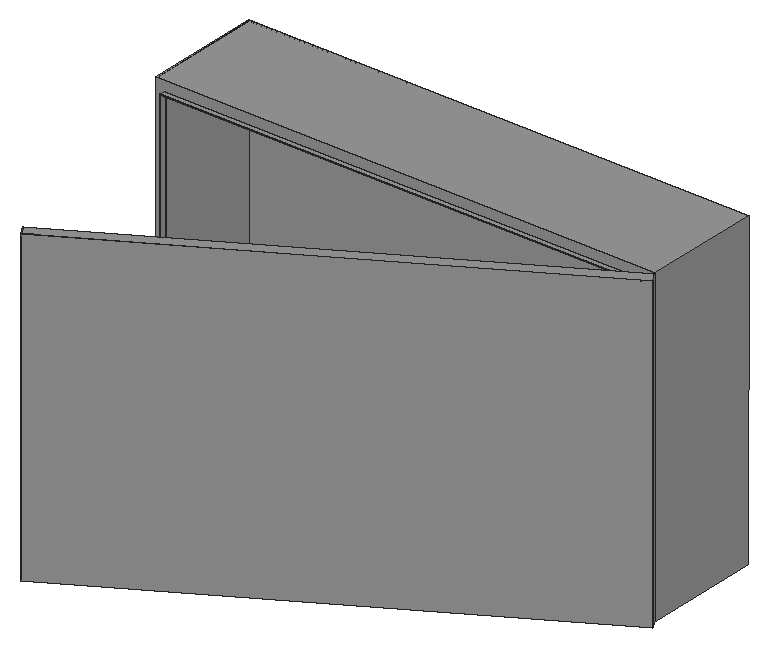
Revit family "Hager-Univers-IP44-D205-H500-Cl.II-Encl-NoHosted-PL-en", category Equipement électrique, Revit 2020
Family settings
  Configuration du panneau = Deux colonnes, circuits au sein
  Cote de connecteur circulaire = Utiliser le diamètre
  Type d'élément = Tableau de raccordement
  Basée sur le plan de construction = Oui
  Toujours verticalement = Oui
  Couper avec des vides une fois chargée = Non
  Partagée = Non
  Point de calcul de pièce = Non
Parameters (values of type "Surface mounted (plaster) IP44 W800 H500 D205  - FP33SN2")
  Width Control [instance] = if([EF000008 - Width] > Min Width, [EF000008 - Width], Min Width)  # 800 mm
  Commentaires du type = [HG000003 - Range]  # "Univers"
  Thickness Door [instance] = if([EF009171 - Material plate thickness door/cover] > 3 mm, 3 mm, [EF009171 - Material plate thickness door/cover])  # 1 mm
  Seal Frame Offset [instance] = 17 mm  # constant formula
  Plinth Visibility [instance] = [HG000027 - Plinth height] > 0 mm  # no
  Min Width [instance] = 100 mm  # constant formula
  Min Depth [instance] = (2 * [EF009170 - Material plate thickness cabinet]) + 1 mm  # 3 mm
  Min Height [instance] = 100 mm  # constant formula
  Internal Frame Depth [instance] = (Door System Depth * 0.5)  # 9 mm
  Panel Name [instance] = ""  # (empty or 0)
  Model = ""
  HG000027 - Plinth height = 0 mm
  HG000026 - Floor standing = no
  HG000024 - Bottom section height = 600 mm
  HG000023 - Double section enclosure = no
  HG000016 - Door 3d visibility [instance] = yes
  HG000015 - Clearance visibility [instance] = no
  HG000014 - Door on the right [instance] = yes
  HG000013 - Door on the left [instance] = not([HG000014 - Door on the right])  # no
  HG000012 - Door swing angle [instance] = 30.00°
  HG000010 - Asymmetric doors = no
  HG000009 - Double swing door = no
  HG000006 - Flush mounted = no
  HG000004 - Manufacturer reference = "FP33SN2"
  HG000003 - Range = "Univers"
  HG000002 - With door or cover = yes
  Frame Offset Bottom [instance] = 10 mm  # constant formula
  Frame Offset [instance] = 15 mm  # constant formula
  EF015940 - Cover with overpressure release = no
  EF011959 - Degree of protection (NEMA) = ""
  EF009554 - Number of openings for flange plates = 6
  EF009212 - Cover model = "EV000116 - Closed"
  EF009171 - Material plate thickness door/cover = 1 mm
  EF009170 - Material plate thickness cabinet = 1 mm
  EF008873 - Nominal current (In) = 250 A
  EF007800 - Suitable for lightning protection = no
  EF006306 - With lock = no
  EF006244 - Transparent cover/door = no
  EF005474 - Degree of protection (IP) = "EV006418 - IP44"
  EF004464 - Type of door = "EV002646 - Single"
  EF004427 - Number of modules = 108
  EF004293 - Impact strength = "EV006815 - IK09"
  EF003532 - Suitable for outdoor use = no
  EF002950 - Width in number of modular spacings = 36
  EF001613 - Circuit integrity = "EV000494 - None"
  EF001596 - Material housing = "EV000179 - Steel"
  EF001131 - Internal depth = 143 mm
  EF001088 - Extension possible = yes
  EF000437 - Number of conduit inlets = 6
  EF000339 - Type of cover = "EV001012 - Cover"
  EF000266 - Number of rows = 3
  EF000218 - Built-in depth = 205 mm
  EF000118 - With mounting plate = no
  EF000116 - RAL-number = "9010"
  EF000049 - Depth = 205 mm
  EF000040 - Height = 500 mm
  EF000008 - Width = 800 mm
  EF000007 - Colour = "EV000202 - White"
  EF000003 - Mounting method = "EV000384 - Surface mounted (plaster)"
  Door System Leaf Tolerance [instance] = 1.5 mm  # constant formula
  Door System Depth [instance] = 18 mm  # constant formula
  Door Height [instance] = Height Control - [HG000027 - Plinth height]  # 500 mm
  Description = ""
  Default Elevation = 1219.2 mm
  Connector Offset [instance] = Height Control / 2  # 250 mm
  Fabricant = "Hager"  # constant formula
  Height Control [instance] = if([EF000040 - Height] > Min Height, [EF000040 - Height], Min Height)  # 500 mm
  Depth Control [instance] = if([EF000049 - Depth] > Min Depth, [EF000049 - Depth], Min Depth)  # 205 mm
  Bottom Top Plate Trim [instance] = 1.5 mm  # constant formula
  Plinth height Ctrl [instance] = if([HG000027 - Plinth height] > 0 mm, [HG000027 - Plinth height], 12 mm)  # 12 mm
Types (5, lengths in mm): name | Width Control | HG000010 - Asymmetric doors | HG000009 - Double swing door | HG000004 - Manufacturer reference | EF009554 - Number of openings for flange plates | EF004464 - Type of door | EF004427 - Number of modules | EF002950 - Width in number of modular spacings | EF000437 - Number of conduit inlets | EF000008 - Width
  Surface mounted (plaster) IP44 W1050 H500 D205  - FP34SN2 | 1050 | no | yes | "FP34SN2" | 8 | "EV003602 - Double" | 144 | 48 | 8 | 1050
  Surface mounted (plaster) IP44 W1300 H500 D205  - FP35SN2 | 1300 | yes | yes | "FP35SN2" | 10 | "EV003602 - Double" | 180 | 60 | 10 | 1300
  Surface mounted (plaster) IP44 W300 H500 D205  - FP31SN2 | 300 | no | no | "FP31SN2" | 2 | "EV002646 - Single" | 36 | 12 | 2 | 300
  Surface mounted (plaster) IP44 W550 H500 D205  - FP32SN2 | 550 | no | no | "FP32SN2" | 4 | "EV002646 - Single" | 72 | 24 | 4 | 550
  Surface mounted (plaster) IP44 W800 H500 D205  - FP33SN2 | 800 | no | no | "FP33SN2" | 6 | "EV002646 - Single" | 108 | 36 | 6 | 800
Reference planes
  plane 1 "Center (Front/Back)": y = 0
  plane 2: z = 0
  plane 3 "Center (Left/Right)": x = 0
  plane 4: y = 0
  plane 5: y = 0
  plane 6: z = 0
  plane 7: x = -400
  plane 8: x = 400
  plane 9: x = 399
  plane 10: x = -399
  plane 11: z = 0
  plane 12: z = 1
  plane 13: y = -205
  plane 14: y = -1
  plane 15: x = 0
  plane 16: y = -187
  plane 17: y = -204
  plane 18: y = -186
  plane 19: x = -384
  plane 20: x = 384
  plane 21: z = 11
  plane 22: x = -383
  plane 23: x = 383
  plane 24: z = 0
  plane 25: z = 500
  plane 26: z = 500
  plane 27: z = 484
  plane 28: z = 499
Forms (mm)
  Extrusion 1, solid, material "Hager_Steel_RAL7035_Light_Grey", detail levels medium+fine
    sketch origin (-208.679, -4572, 0) x (-1, 0, 0) y (0, -1, 0)
      loop
        line (191.321, -4385) -> (-608.679, -4385) -> (-608.679, -4572) -> (191.321, -4572) -> (191.321, -4385)
    from 0 to 500
  Extrusion 2, void
    sketch origin (-350.771, -205, 1219.2) x (1, 0, 0) y (0, 0, 1)
      loop
        line (-48.229, -720.2) -> (-48.229, -1218.2) -> (749.771, -1218.2) -> (749.771, -720.2) -> (-48.229, -720.2)
    from -19 to -204
  Extrusion 3, void
    sketch origin (-290.084, -187, 1219.2) x (1, 0, 0) y (0, 0, 1)
      loop
        line (-93.916, -1208.2) -> (674.084, -1208.2) -> (674.084, -735.2) -> (-93.916, -735.2) -> (-93.916, -1208.2)
    from 0 to -1
  Extrusion 4, solid, material "Hager_Steel_RAL7035_Light_Grey", visible <- "Plinth Visibility", detail levels medium+fine
    sketch origin (0, 0, 0) x (1, 0, 0) y (0, 1, 0)
      loop
        line (-400, 0) -> (-400, -187) -> (400, -187) -> (400, 0) -> (-400, 0)
    from 0 to 12 <- "Plinth height Ctrl"
  Extrusion 5, solid, material "Hager_Steel_RAL7035_Light_Grey", detail levels coarse
    sketch origin (0, 0, 0) x (1, 0, 0) y (0, 1, 0)
      loop
        line (-400, 0) -> (-400, -205) -> (400, -205) -> (400, 0) -> (-400, 0)
    from 0 to 500 <- "Height Control"
  Sweep 6, void
    path in 3D
      loop
        line (-400, -187, 12) -> (400, -187, 12) -> (400, 0, 12) -> (-400, 0, 12) -> (-400, -187, 12)
    profile origin (-400, -93.5, 12) x (1, 0, 0) y (0, 0, 1)
      loop
        line (0, 0) -> (0, -1.5) -> (1.5, -1.5)
        arc (1.5, -1.5) -> (1.061, -0.439) -> (0, 0) r 1.5
  Extrusion 7, solid, material "Hager_Steel_RAL7035_Light_Grey", detail levels fine
    sketch origin (-400, -187, 0) x (1, 0, 0) y (0, 0, 1)
      loop
        line (16, 11) -> (784, 11) -> (784, 484) -> (16, 484) -> (16, 11)
      loop
        line (15, 10) -> (785, 10) -> (785, 485) -> (15, 485) -> (15, 10)
    from 0 to 9 <- "Internal Frame Depth"
Cuts and joins
  Extrusion 2, Extrusion 3 cuts Extrusion 1
  Sweep 6 cuts Extrusion 4
Lines and regions (mm)
  Masking region 1
    outline origin (0, 0, 0) x (1, 0, 0) y (0, 1, 0)
      loop
        line (-400, 0) -> (-400, -205) -> (400, -205) -> (400, 0) -> (-400, 0)
  Masking region 2, detail levels coarse
    outline origin (-290.084, -187, 1219.2) x (-1, 0, 0) y (0, 0, 1)
      loop
        line (-690.084, -1219.2) -> (109.916, -1219.2) -> (109.916, -719.2) -> (-690.084, -719.2) -> (-690.084, -1219.2)
  Masking region 3, detail levels coarse
    outline origin (0, 0, 0) x (0, 1, 0) y (0, 0, 1)
      loop
        line (0, 0) -> (0, 500) -> (-205, 500) -> (-205, 0) -> (0, 0)
  Masking region 4, visible <- "Plinth Visibility", detail levels medium+fine
    outline origin (0, 0, 0) x (0, 1, 0) y (0, 0, 1)
      loop
        line (-1.5, 12) -> (-185.5, 12)
        arc (-185.5, 12) -> (-185.939, 10.939) -> (-187, 10.5) r 1.5
        line (-187, 10.5) -> (-187, 0) -> (0, 0) -> (0, 10.5)
        arc (0, 10.5) -> (-1.061, 10.939) -> (-1.5, 12) r 1.5
  Masking region 5, detail levels medium+fine
    outline origin (0, 0, 594.038) x (0, 1, 0) y (0, 0, 1)
      loop
        line (0, -594.038) -> (0, -94.038) -> (-187, -94.038) -> (-187, -594.038) -> (0, -594.038)
  Masking region 6, detail levels medium+fine
    outline origin (-359.7, -187, 1211.883) x (-1, 0, 0) y (0, 0, 1)
      loop
        line (-759.7, -1211.883) -> (40.3, -1211.883) -> (40.3, -711.883) -> (-759.7, -711.883) -> (-759.7, -1211.883)
  Masking region 7, visible <- "Plinth Visibility", detail levels medium+fine
    outline origin (-320.334, -187, 1041.368) x (-1, 0, 0) y (0, 0, 1)
      loop
        line (-720.334, -1041.368) -> (79.666, -1041.368) -> (79.666, -1030.868)
        arc (79.666, -1030.868) -> (78.606, -1030.429) -> (78.166, -1029.368) r 1.5
        line (78.166, -1029.368) -> (-718.834, -1029.368)
        arc (-718.834, -1029.368) -> (-719.273, -1030.429) -> (-720.334, -1030.868) r 1.5
        line (-720.334, -1030.868) -> (-720.334, -1041.368)
  sketch lines
    curve 1: line (-400, 0, 12) -> (-400, -187, 12)
    curve 2: line (-400, -187, 12) -> (400, -187, 12)
    curve 3: line (400, 0, 12) -> (-400, 0, 12)
    curve 4: line (400, -187, 12) -> (400, 0, 12)
Dimensions and locks
  locked: plane 1 "Center (Front/Back)" to plane 5
  "EF009170 - Material plate thickness cabinet": plane 7 to plane 10
  "EF009170 - Material plate thickness cabinet": plane 8 to plane 9
  equal spacing: plane 7, plane 3 "Center (Left/Right)", plane 8
  "Width Control": plane 7 to plane 8
  "Depth Control": plane 4 to plane 13
  "EF009170 - Material plate thickness cabinet": plane 4 to plane 14
  "Height Control": plane 25 to level
  "HG000027 - Plinth height": plane 11 to level
  "EF009170 - Material plate thickness cabinet": plane 12 to plane 11
  "EF009170 - Material plate thickness cabinet": plane 17 to plane 13
  "EF009170 - Material plate thickness cabinet": plane 18 to plane 16
  "Frame Offset Bottom": plane 21 to plane 12
  "Frame Offset": plane 10 to plane 19
  "Frame Offset": plane 9 to plane 20
  "Door System Depth": plane 16 to plane 13
  "Seal Frame Offset": plane 7 to plane 22
  "Seal Frame Offset": plane 8 to plane 23
  "EF009170 - Material plate thickness cabinet": plane 26 to plane 28
  "Frame Offset": plane 28 to plane 27
  "Connector Offset": plane 2 to connector elem
  "Bottom Top Plate Trim": profile plane to Sweep 6 sketch curve
  "Bottom Top Plate Trim": Sweep 6 sketch curve to Sweep 6 sketch curve
  "Plinth height Ctrl": Masking region 4 sketch curve to level
  "Plinth height Ctrl": Masking region 7 sketch curve to level
  "Thickness Door": Extrusion 7 sketch curve to Extrusion 7 sketch curve  (x4)
  "Bottom Top Plate Trim": radius of Sweep 6 sketch curve
  "Bottom Top Plate Trim": radius of Masking region 4 sketch curve  (x2)
  "Bottom Top Plate Trim": radius of Masking region 7 sketch curve  (x2)
  aligned and locked: Extrusion 2 sketch curve to plane 12
  aligned and locked: Extrusion 2 sketch curve to plane 9
  aligned and locked: Extrusion 2 sketch curve to plane 10
  aligned and locked: Extrusion 2 to plane 14
  aligned and locked: Extrusion 1 sketch curve to plane 4
  aligned and locked: plane 8 to Extrusion 1 sketch curve
  aligned and locked: plane 7 to Extrusion 1 sketch curve
  aligned and locked: Extrusion 2 to plane 18
  aligned and locked: plane 19 to Extrusion 3 sketch curve
  aligned and locked: plane 20 to Extrusion 3 sketch curve
  aligned and locked: Extrusion 3 to Extrusion 2
  aligned and locked: Extrusion 3 sketch curve to plane 21
  aligned and locked: plane 3 "Center (Left/Right)" to nested 1
  aligned and locked: Extrusion 1 sketch curve to plane 16
  aligned and locked: Extrusion 4 sketch curve to cut or joined group of Extrusion 1, Extrusion 2, Extrusion 3
  aligned and locked: Masking region 1 sketch curve to plane 7
  aligned and locked: Masking region 1 sketch curve to plane 5
  aligned and locked: Masking region 1 sketch curve to plane 8
  aligned and locked: Masking region 2 sketch curve to level
  aligned and locked: level to Masking region 3 sketch curve
  aligned and locked: plane 1 "Center (Front/Back)" to Masking region 3 sketch curve
  aligned and locked: plane 13 to Masking region 3 sketch curve
  aligned and locked: plane 5 to Masking region 4 sketch curve
  aligned and locked: Masking region 2 sketch curve to plane 8
  aligned and locked: Masking region 2 sketch curve to plane 7
  aligned and locked: plane 7 to nested 2
  aligned and locked: nested 2 to plane 5
  aligned and locked: plane 5 to Masking region 5 sketch curve
  aligned and locked: plane 26 to Masking region 5 sketch curve
  aligned and locked: Extrusion 5 sketch curve to plane 8
  aligned and locked: Extrusion 5 sketch curve to plane 7
  aligned and locked: Extrusion 5 sketch curve to plane 5
  aligned and locked: Extrusion 3 sketch curve to plane 27
  aligned and locked: Extrusion 2 sketch curve to plane 28
  aligned and locked: Masking region 2 to plane 25
  aligned and locked: Extrusion 4 to plane 16
  aligned and locked: profile plane to Sweep 6 sketch curve
  aligned and locked: Masking region 5 sketch curve to plane 24
  aligned and locked: level to Masking region 4 sketch curve
  aligned and locked: Masking region 1 to plane 13
  aligned and locked: nested 1 to plane 16
  aligned and locked: Masking region 3 to plane 25
  aligned and locked: plane 16 to Masking region 4 sketch curve
  aligned and locked: Masking region 5 sketch curve to plane 16
  aligned and locked: plane 24 to plane 11
  aligned and locked: plane 26 to plane 25
  aligned and locked: plane 26 to cut or joined group of Extrusion 1, Extrusion 2, Extrusion 3
  aligned and locked: nested 1 to plane 24
  aligned and locked: Extrusion 1 to Extrusion 3
  aligned and locked: Masking region 6 sketch curve to plane 8
  aligned and locked: Masking region 6 sketch curve to plane 24
  aligned and locked: Masking region 6 sketch curve to plane 7
  aligned and locked: Masking region 6 sketch curve to plane 26
  aligned and locked: Masking region 7 sketch curve to plane 7
  aligned and locked: level to Masking region 7 sketch curve
  aligned and locked: Masking region 7 sketch curve to plane 8
  aligned and locked: Extrusion 7 sketch curve to cut or joined group of Extrusion 1, Extrusion 2, Extrusion 3  (x4)
Automatic sketch dimensions
  plane 19 to Extrusion 3 sketch curve = 0 mm
  Extrusion 3 sketch curve to plane 20 = 0 mm
  Extrusion 3 sketch curve to plane 21 = 0 mm
  Extrusion 4 sketch curve to plane 7 = 0 mm
  Extrusion 4 sketch curve to plane 8 = 0 mm
  Extrusion 4 sketch curve to plane 16 = 0 mm
  Masking region 1 sketch curve to plane 13 = 0 mm
  Masking region 2 sketch curve to plane 25 = 0 mm
  Masking region 3 sketch curve to plane 25 = 0 mm
  Extrusion 5 sketch curve to plane 13 = 0 mm
  profile plane to Sweep 6 sketch curve = 0 mm
Nested families
  nested 1: "EC000058_Univers_Door" at (0, -187, 0), Double <- "HG000009 - Double swing door", Transparent <- "EF006244 - Transparent cover/door", Angle <- "HG000012 - Door swing angle", Door_Right <- "HG000014 - Door on the right", Assymetrical <- "HG000010 - Asymmetric doors", Door <- "HG000002 - With door or cover", Width_Ctrl <- "Width Control", 3d_Door <- "HG000016 - Door 3d visibility", Clearance <- "HG000015 - Clearance visibility", Door_Left <- "HG000013 - Door on the left", Width <- "Width Control", Door_Depth <- "Door System Depth", Leaf_Tolerance <- "Door System Leaf Tolerance", Height <- "Door Height", Lock_Visibility <- "EF006306 - With lock", Thickness <- "Thickness Door", type "EC000058_Univers_Door", detail levels medium+fine
    with min_wh 3 mm, Width_Ctrl 800 mm, Width 800 mm, Transparent no, Thickness 1 mm, Seal_Material Hager_Rubber, Lock_Visibility no, Lock_Material Hager_Plastic_RAL9005_Jet_Black, Leaf_Width 800 mm, Leaf_Tolerance_External_Sides 0 mm, Leaf_Tolerance 1.5 mm, Leaf_Offset 0 mm, Leaf_Height 497 mm, Leaf_2_Width 800 mm, Leaf_2_Offset 400 mm, Leaf_1_Width 800 mm, Leaf_1_Offset 400 mm, Height_Ctrl 500 mm, Height 500 mm, Glass_Material Hager_Glass, Double_Clearance_Ctrl no, Double no, Door_Right_Ctrl yes, Door_Right yes, Door_Material Hager_Steel_RAL7035_Light_Grey, Door_Left_Ctrl no, Door_Left no, Door_Depth 18 mm, Door yes, Clearance_Material Hager_Clearance, Clearance_Depth 800 mm, Clearance_Ctrl no, Clearance no, Assymetrical no, Angle 30.00°, 3d_Door yes
  nested 2: "Hager_Enclosure_Symbol" at (-400, 0, 0), Height <- "Depth Control", Width <- "Width Control", type "Hager_Enclosure_Symbol"
    with Width_Ctrl 800 mm, Width 800 mm, Height_Ctrl 205 mm, Height 205 mm, A_Width_Int 13.453 mm, A_Width 161.438 mm, A_Height_Ctrl 179.375 mm, A_Height 179.375 mm
Connectors
  electrical at (0, 0, 250)
    settings: on plane 1 "Center (Front/Back)", index 1, voltage 0 V, apparent load 0 VA, apparent load phase1 0 VA, apparent load phase2 0 VA, apparent load phase3 0 VA, power factor 1, load classification "Other", number of poles 1, system type 30, power factor state 1, is connector primary yes, connector utility no, sub classification motor no, connector description ""
Definition of nested family "EC000058_Univers_Door"
  Parameters (values of type "EC000058_Univers_Door")
    min_wh [instance] = (2 * Thickness) + 1 mm  # 11 mm
    Width_Ctrl [instance] = 400 mm
    Width [instance] = 500 mm
    Transparent [instance] = yes
    Thickness [instance] = 5 mm
    Seal_Material [instance] = none
    Lock_Visibility [instance] = yes
    Lock_Material [instance] = none
    Leaf_Width [instance] = if((Width_Ctrl - 2 * Leaf_Tolerance_External_Sides) > 0 mm, (Width_Ctrl - 2 * Leaf_Tolerance_External_Sides), min_wh)  # 400 mm
    Leaf_Tolerance_External_Sides [instance] = 0 mm  # constant formula
    Leaf_Tolerance [instance] = 1.5 mm
    Leaf_Offset [instance] = 0 mm  # constant formula
    Leaf_Height [instance] = if((Height_Ctrl - 2 * Leaf_Tolerance) > 0 mm, (Height_Ctrl - 2 * Leaf_Tolerance), min_wh)  # 497 mm
    Leaf_2_Width [instance] = if(and(and(Double, Assymetrical), Door_Left), (Leaf_Width / 3) - (Leaf_Tolerance / 2), if(and(and(Double, Assymetrical), Door_Right), (Leaf_Width / 3) * 2 - (Leaf_Tolerance / 2), if(and(Double, not(Assymetrical)), (Leaf_Width / 2) - Leaf_Tolerance, Leaf_Width)))  # 400 mm
    Leaf_2_Offset [instance] = if(and(Double, Assymetrical), Leaf_2_Width / 2, if(and(Double, not(Assymetrical)), Leaf_Width / 4, Leaf_Width / 2))  # 200 mm
    Leaf_1_Width [instance] = if(and(and(Double, Assymetrical), Door_Right), (Leaf_Width / 3) - (Leaf_Tolerance / 2), if(and(and(Double, Assymetrical), Door_Left), (Width / 3) * 2 - (Leaf_Tolerance / 2), if(and(Double, not(Assymetrical)), (Leaf_Width / 2) - Leaf_Tolerance, Leaf_Width)))  # 400 mm
    Leaf_1_Offset [instance] = if(and(Double, Assymetrical), Leaf_1_Width / 2, if(and(Double, not(Assymetrical)), Leaf_Width / 4, Leaf_Width / 2))  # 200 mm
    Height_Ctrl [instance] = if(Height > min_wh, Height, min_wh)  # 500 mm
    Height [instance] = 500 mm
    Glass_Material [instance] = none
    Double_Clearance_Ctrl [instance] = and(Double, Clearance)  # no
    Double [instance] = no
    Door_Right_Ctrl [instance] = and(or(Door_Right, Double), Door)  # yes
    Door_Right [instance] = yes
    Door_Material [instance] = none
    Door_Left_Ctrl [instance] = and(or(Door_Left, Double), Door)  # no
    Door_Left [instance] = no
    Door_Depth [instance] = 30 mm
    Door [instance] = yes
    Default Elevation = 1219.2 mm
    Clearance_Material [instance] = none
    Clearance_Depth [instance] = if(Leaf_1_Width > Leaf_2_Width, Leaf_1_Width, Leaf_2_Width)  # 400 mm
    Clearance_Ctrl [instance] = and(not(Double), Clearance)  # yes
    Clearance [instance] = yes
    Assymetrical [instance] = yes
    Angle [instance] = 30.00°
    3d_Door [instance] = yes
  Reference planes
    plane 1 "Center (Front/Back)": y = 0
    plane 2 "Bottom": z = 0
    plane 3 "Center (Left/Right)": x = 0
    plane 4: z = 500
    plane 5: x = -200
    plane 6: x = 200
    plane 7: z = 500
    plane 8: x = -200
    plane 9: z = 0
    plane 10: x = 200
    plane 11: y = 0
    plane 12: z = 1.5
    plane 13: x = -600
    plane 14: y = -400
    plane 15: x = 600
    plane 16: x = 0
    plane 17: x = 0
    plane 18: x = -200
    plane 19: x = 200
    plane 20: z = 498.5
  Forms (mm)
    Extrusion 1, solid, material <- "Clearance_Material", visible <- "Double_Clearance_Ctrl"
      sketch origin (1200, 0, 0) x (1, 0, 0) y (0, 0, -1)
        loop
          line (-1800, -498.5) -> (-600, -498.5) -> (-600, 0) -> (-1800, 0) -> (-1800, -498.5)
      from 0 to -400
  Dimensions and locks
    equal spacing: plane 5, plane 3 "Center (Left/Right)", plane 6
    "Width_Ctrl": plane 5 to plane 6
    "Leaf_Offset": plane 5 to plane 8
    "Leaf_Offset": plane 6 to plane 10
    "Leaf_Offset": plane 9 to level
    "Leaf_Offset": plane 4 to plane 7
    "Height_Ctrl": plane 4 to level
    "Leaf_Tolerance": plane 12 to plane 9
    locked: plane 11 to plane 1 "Center (Front/Back)"
    "Leaf_1_Offset": plane 18 to plane 16
    "Leaf_2_Offset": plane 17 to plane 19
    "Leaf_1_Width": plane 13 to plane 8
    "Leaf_2_Width": plane 10 to plane 15
    "Clearance_Depth": plane 14 to plane 1 "Center (Front/Back)"
    "Leaf_Tolerance_External_Sides": plane 8 to plane 18
    "Leaf_Tolerance_External_Sides": plane 19 to plane 10
    "Leaf_Tolerance": plane 7 to plane 20
    aligned and locked: level to plane 2 "Bottom"
    aligned and locked: nested 1 to plane 16
    aligned and locked: nested 2 to plane 17
    aligned and locked: Extrusion 1 to plane 13
    aligned and locked: plane 15 to Extrusion 1
    aligned and locked: Extrusion 1 to plane 14
    aligned and locked: plane 12 to nested 1
    aligned and locked: nested 2 to plane 12
    aligned and locked: Extrusion 1 to plane 11
    aligned and locked: plane 20 to Extrusion 1
    aligned and locked: nested 2 to plane 11
    aligned and locked: nested 1 to plane 11
  Automatic sketch dimensions
    Extrusion 1 sketch curve to level = 0 mm
    plane 5 to Extrusion 1 sketch curve = 400 mm
    plane 6 to Extrusion 1 sketch curve = 400 mm
    Extrusion 1 sketch curve to plane 4 = 1.5 mm
  Nested families
    nested 1: "EC000058_Univers_Door_Leaf" at (0, 0, 1.5), Width <- "Leaf_1_Width", visible <- "Door_Left_Ctrl", Leaf_Height <- "Leaf_Height", Angle <- "Angle", 3d_Door <- "3d_Door", Transparent <- "Transparent", Clearance Material <- "Clearance_Material", Clearance <- "Clearance_Ctrl", Door_Material <- "Door_Material", Glass_Material <- "Glass_Material", Door_Depth <- "Door_Depth", Lock_Material <- "Lock_Material", Seal_Material <- "Seal_Material", Lock_Visibility <- "Lock_Visibility", Thickness <- "Thickness", type "EC000058_Univers_Door_Leaf"
      with Width 400 mm, Transparent_Glass_Offset 30 mm, Transparent_Ctrl yes, Transparent yes, Thickness 5 mm, Standard no, Seal_Material none, Seal_D2 8 mm, Seal_D1 1 mm, Offset_Internal_Frame 10 mm, Lock_Width 20 mm, Lock_Visibility_3d yes, Lock_Visibility yes, Lock_Thickness_3 3 mm, Lock_Thickness_2 1 mm, Lock_Thickness_1 3 mm, Lock_Radius_Offset_2 16 mm, Lock_Radius_Offset_1 15 mm, Lock_Radius_2 5 mm, Lock_Radius 6 mm, Lock_Offset 5 mm, Lock_Material none, Lock_Height 80 mm, Lock_Cover_Top_Offset_2d 17 mm, Lock_Cover_Height -65 mm, Leaf_Height 497 mm, Internal_Seal_Thickness 8 mm, Internal_Seal_Depth_2 4.5 mm, Internal_Frame_Depth 25 mm, Glass_Thickness -1 mm, Glass_Offset -2 mm, Glass_Material none, Door_Material none, Door_Depth 30 mm, Clearance Material none, Clearance yes, Angle_Ctrl 30.00°, Angle 30.00°, 3d_Door yes
    nested 2: "EC000058_Univers_Door_Leaf" at (0, 0, 1.5) x (-1, 0, 0) z (0, 0, 1), Width <- "Leaf_2_Width", visible <- "Door_Right_Ctrl", Leaf_Height <- "Leaf_Height", Angle <- "Angle", 3d_Door <- "3d_Door", Transparent <- "Transparent", Clearance Material <- "Clearance_Material", Clearance <- "Clearance_Ctrl", Door_Material <- "Door_Material", Glass_Material <- "Glass_Material", Door_Depth <- "Door_Depth", Lock_Material <- "Lock_Material", Seal_Material <- "Seal_Material", Lock_Visibility <- "Lock_Visibility", Thickness <- "Thickness", type "EC000058_Univers_Door_Leaf"
      with Width 400 mm, Transparent_Glass_Offset 30 mm, Transparent_Ctrl yes, Transparent yes, Thickness 5 mm, Standard no, Seal_Material none, Seal_D2 8 mm, Seal_D1 1 mm, Offset_Internal_Frame 10 mm, Lock_Width 20 mm, Lock_Visibility_3d yes, Lock_Visibility yes, Lock_Thickness_3 3 mm, Lock_Thickness_2 1 mm, Lock_Thickness_1 3 mm, Lock_Radius_Offset_2 16 mm, Lock_Radius_Offset_1 15 mm, Lock_Radius_2 5 mm, Lock_Radius 6 mm, Lock_Offset 5 mm, Lock_Material none, Lock_Height 80 mm, Lock_Cover_Top_Offset_2d 17 mm, Lock_Cover_Height -65 mm, Leaf_Height 497 mm, Internal_Seal_Thickness 8 mm, Internal_Seal_Depth_2 4.5 mm, Internal_Frame_Depth 25 mm, Glass_Thickness -1 mm, Glass_Offset -2 mm, Glass_Material none, Door_Material none, Door_Depth 30 mm, Clearance Material none, Clearance yes, Angle_Ctrl 30.00°, Angle 30.00°, 3d_Door yes
  Definition of nested family "EC000058_Univers_Door_Leaf"
    Parameters (values of type "EC000058_Univers_Door_Leaf")
      Width [instance] = 2000 mm
      Transparent_Glass_Offset [instance] = 30 mm
      Transparent_Ctrl [instance] = and(Transparent, [3d_Door])  # yes
      Transparent [instance] = yes
      Thickness [instance] = 5 mm
      Standard [instance] = and(not(Transparent), [3d_Door])  # no
      Seal_Material [instance] = none
      Seal_D2 [instance] = 8 mm  # constant formula
      Seal_D1 [instance] = 1 mm  # constant formula
      Offset_Internal_Frame [instance] = 10 mm  # constant formula
      Lock_Width [instance] = 20 mm  # constant formula
      Lock_Visibility_3d [instance] = and(Lock_Visibility, [3d_Door])  # yes
      Lock_Visibility [instance] = yes
      Lock_Thickness_3 [instance] = 3 mm  # constant formula
      Lock_Thickness_2 [instance] = 1 mm  # constant formula
      Lock_Thickness_1 [instance] = 3 mm  # constant formula
      Lock_Radius_Offset_2 [instance] = Lock_Radius_Offset_1 + 1 mm  # 16 mm
      Lock_Radius_Offset_1 [instance] = 15 mm  # constant formula
      Lock_Radius_2 [instance] = Lock_Radius - 1 mm  # 5 mm
      Lock_Radius [instance] = 6 mm  # constant formula
      Lock_Offset [instance] = 5 mm  # constant formula
      Lock_Material [instance] = none
      Lock_Height [instance] = 80 mm  # constant formula
      Lock_Cover_Top_Offset_2d [instance] = Lock_Radius_Offset_2 + 1 mm  # 17 mm
      Lock_Cover_Height [instance] = -(Lock_Height - Lock_Radius_Offset_1)  # -65 mm
      Leaf_Height [instance] = 2720.336 mm
      Internal_Seal_Thickness [instance] = 8 mm  # constant formula
      Internal_Seal_Depth_2 [instance] = 4.5 mm  # constant formula
      Internal_Frame_Depth [instance] = if(Door_Depth - Thickness > 5 mm, Door_Depth - Thickness, 5 mm)  # 25 mm
      Glass_Thickness [instance] = if(Thickness > 15 mm, Glass_Offset + 10 mm, -1 mm)  # -1 mm
      Glass_Offset [instance] = if(Thickness > 15 mm, -(Thickness + 10 mm) / 2, -2 mm)  # -2 mm
      Glass_Material [instance] = none
      Door_Material [instance] = none
      Door_Depth [instance] = 30 mm
      Default Elevation = 0 mm
      Clearance Material [instance] = none
      Clearance [instance] = yes
      Angle_Ctrl [instance] = if(Angle > 180.00°, 180.00°, Angle)  # 90.00°
      Angle [instance] = 90.00°
      3d_Door [instance] = yes
    Reference planes
      plane 1 "Center (Front/Back)": y = 0
      plane 2: z = 0
      plane 3 "Center (Left/Right)": x = 0
      plane 4: y = 2000
      plane 5: x = -1000
      plane 6: x = 1000
      plane 7: x = -3000
      plane 8: z = 2720.336
      plane 9: z = 30
      plane 10: z = 2690.336
      plane 11: x = 970
      plane 12: x = -970
      plane 13: y = -3
      plane 14: z = 107.833
      plane 15: y = -5
      plane 16: y = -223.314
      plane 17: x = -1000
      plane 18: z = 1360.168
      plane 19: y = 30
    Forms (mm)
      Extrusion 1, solid, material <- "Clearance Material", visible <- "Clearance"
        sketch origin (0, 0, 0) x (1, 0, 0) y (0, 0, 1)
          loop
            line (-3000, 2720.336) -> (-3000, 0) -> (1000, 0) -> (1000, 2720.336) -> (-3000, 2720.336)
        from 0 to -2000
      Extrusion 2, solid, material <- "Door_Material", visible <- "Standard", detail levels medium+fine
        sketch origin (-1000, 0, 0) x (0, 1, 0) y (-1, 0, 0)
          loop
            line (0, 30) -> (0, 25) -> (2000, 25) -> (2000, 30) -> (0, 30)
        from 0 to 2720.336 <- "Leaf_Height"
      Extrusion 3, solid, material <- "Door_Material", visible <- "Transparent_Ctrl", detail levels medium+fine
        sketch origin (-1000, 0, 0) x (0, 1, 0) y (-1, 0, 0)
          loop
            line (0, 25) -> (2000, 25) -> (2000, 30) -> (0, 30) -> (0, 25)
        from 0 to 2720.336 <- "Leaf_Height"
      Extrusion 4, void
        sketch origin (-1025, 2000, 0) x (0, 1, 0) y (0, 0, -1)
          loop
            line (-30, -2690.336) -> (-30, -30) -> (-1970, -30) -> (-1970, -2690.336) -> (-30, -2690.336)
        from 0 to 5 <- "Thickness"
      Sweep 5, solid, material <- "Seal_Material", visible <- "Transparent_Ctrl", detail levels fine
        path in 3D
          loop
            line (-1025, 30, 30) -> (-1025, 30, 2690.336) -> (-1025, 1970, 2690.336) -> (-1025, 1970, 30) -> (-1025, 30, 30)
        profile origin (-1025, 1000, 30) x (1, 0, 0) y (0, 0, 1)
          loop
            line (0, 0) -> (0, -8) -> (1, -8) -> (1, 0) -> (0, 0)
      Extrusion 6, solid, material <- "Glass_Material", visible <- "Transparent_Ctrl", detail levels medium+fine
        sketch origin (-1030, 0, 0) x (0, 1, 0) y (0, 0, -1)
          loop
            line (1970, -2690.336) -> (1970, -30) -> (30, -30) -> (30, -2690.336) -> (1970, -2690.336)
        from -2 <- "Glass_Offset" to -1 <- "Glass_Thickness"
      Extrusion 7, solid, material <- "Door_Material", visible <- "3d_Door", detail levels medium+fine
        sketch origin (-1025, 2000, 0) x (0, -1, 0) y (0, 0, -1)
          loop
            line (0, -2720.336) -> (2000, -2720.336) -> (2000, 0) -> (0, 0) -> (0, -2720.336)
          loop
            line (1995, -5) -> (5, -5) -> (5, -2715.336) -> (1995, -2715.336) -> (1995, -5)
        from 0 to 25 <- "Internal_Frame_Depth"
      Sweep 8, solid, material <- "Seal_Material", visible <- "Transparent_Ctrl", detail levels fine
        path in 3D
          loop
            line (-1025, 0, 0) -> (-1025, 2000, 0) -> (-1025, 2000, 2720.336) -> (-1025, 0, 2720.336) -> (-1025, 0, 0)
        profile origin (-1025, 0, 1360.168) x (1, 0, 0) y (0, 1, 0)
          loop
            line (0, 10) -> (2.975, 10)
            arc (2.975, 10) -> (4.053, 10.447) -> (4.5, 11.525) r 1.525
            line (4.5, 11.525) -> (4.5, 16.527)
            arc (4.5, 16.527) -> (4.069, 17.569) -> (3.027, 18) r 1.473
            line (3.027, 18) -> (0, 18) -> (0, 10)
      Extrusion 9, solid, material <- "Lock_Material", visible <- "Lock_Visibility_3d", detail levels fine
        sketch origin (-1030, 0, 0) x (0, 1, 0) y (0, 0, -1)
          loop
            arc (1993.5, -1400.168) -> (1994.561, -1399.729) -> (1995, -1398.668) r 1.5
            line (1995, -1398.668) -> (1995, -1320.168) -> (1975, -1320.168) -> (1975, -1398.668)
            arc (1975, -1398.668) -> (1975.439, -1399.729) -> (1976.5, -1400.168) r 1.5
            line (1976.5, -1400.168) -> (1993.5, -1400.168)
        from 3 <- "Lock_Thickness_1" to 0
      Blend 10, solid, material <- "Lock_Material", visible <- "Lock_Visibility_3d", detail levels fine
        base sketch origin (-1033, 0, 0) x (0, 1, 0) y (0, 0, -1)
          loop
            line (1975, -1320.168) -> (1975, -1398.668)
            arc (1975, -1398.668) -> (1975.439, -1399.729) -> (1976.5, -1400.168) r 1.5
            line (1976.5, -1400.168) -> (1993.5, -1400.168)
            arc (1993.5, -1400.168) -> (1994.561, -1399.729) -> (1995, -1398.668) r 1.5
            line (1995, -1398.668) -> (1995, -1320.168) -> (1975, -1320.168)
        top sketch origin (-1033, 0, 0) x (0, 1, 0) y (0, 0, -1)
          loop
            line (1976, -1320.168) -> (1976, -1398.668)
            arc (1976, -1398.668) -> (1976.146, -1399.022) -> (1976.5, -1399.168) r 0.5
            line (1976.5, -1399.168) -> (1993.5, -1399.168)
            arc (1993.5, -1399.168) -> (1993.854, -1399.022) -> (1994, -1398.668) r 0.5
            line (1994, -1398.668) -> (1994, -1320.168) -> (1976, -1320.168)
        from 0 to 1 <- "Lock_Thickness_2"
      Blend 11, solid, material <- "Lock_Material", visible <- "Lock_Visibility_3d", detail levels fine
        base sketch origin (-1034, 0, 0) x (0, 1, 0) y (0, 0, -1)
          loop
            line (1978, -1320.168) -> (1978, -1384.168)
            arc (1978, -1384.168) -> (1985, -1391.168) -> (1992, -1384.168) r 7
            line (1992, -1384.168) -> (1992, -1320.168) -> (1978, -1320.168)
        top sketch origin (-1034, 0, 0) x (0, 1, 0) y (0, 0, -1)
          loop
            line (1991, -1320.168) -> (1979, -1320.168) -> (1979, -1383.168)
            arc (1979, -1383.168) -> (1985, -1389.168) -> (1991, -1383.168) r 6
            line (1991, -1383.168) -> (1991, -1320.168)
        from 0 to 3 <- "Lock_Thickness_3"
      Extrusion 12, solid, material <- "Lock_Material", visible <- "Lock_Visibility_3d", detail levels fine
        sketch origin (-1030, 1975, 1320.168) x (1, 0, 0) y (0, -1, 0)
          loop
            line (-7, -19) -> (-7, -1) -> (0, -1) -> (0, 0) -> (-8, 0) -> (-8, -20) -> (0, -20) -> (0, -19) -> (-7, -19)
        from 0 to -65 <- "Lock_Cover_Height"
      Extrusion 13, void
        sketch origin (-1038, 1995, 1320.168) x (-1, 0, 0) y (0, 0, -1)
          loop
            line (-5, -65) -> (0, -65) -> (-5, -60) -> (-5, -65)
        from 0 to 20 <- "Lock_Width"
      Extrusion 14, void
        sketch origin (-1038, 1975, 1320.168) x (0, -1, 0) y (0, 0, -1)
          loop
            circle (-10, -15.995) r 6
          loop
            circle (-10, -15.995) r 5
        from 0 to 2
      Extrusion 15, solid, material <- "Lock_Material", visible <- "Lock_Visibility_3d", detail levels medium
        sketch origin (-1030, 0, 0) x (0, 1, 0) y (0, 0, -1)
          loop
            arc (1993.5, -1400.168) -> (1994.561, -1399.729) -> (1995, -1398.668) r 1.5
            line (1995, -1398.668) -> (1995, -1320.168) -> (1975, -1320.168) -> (1975, -1398.668)
            arc (1975, -1398.668) -> (1975.439, -1399.729) -> (1976.5, -1400.168) r 1.5
            line (1976.5, -1400.168) -> (1993.5, -1400.168)
        from 8 to 0
    Cuts and joins
      Extrusion 4 cuts Extrusion 3
      Extrusion 13, Extrusion 14 cuts Extrusion 9
      Extrusion 14 cuts Blend 11
      Extrusion 13, Extrusion 14 cuts Extrusion 12
      joined: Extrusion 9, Blend 10, Blend 11, Extrusion 12
      Extrusion 14 cuts Extrusion 15
    Lines and regions (mm)
      Masking region 1, visible <- "Lock_Visibility", detail levels fine
        outline origin (0, 0, 0) x (0, 1, 0) y (0, 0, 1)
          loop
            line (30, 1320.168) -> (33, 1320.168) -> (33, 1400.168) -> (30, 1400.168) -> (30, 1320.168)
      Masking region 2, visible <- "Lock_Visibility", detail levels fine
        outline origin (0, 3.143, 0) x (0, 1, 0) y (0, 0, 1)
          loop
            line (29.857, 1354.168) -> (30.857, 1354.168) -> (30.857, 1366.168) -> (29.857, 1366.168) -> (29.857, 1354.168)
      Masking region 3, detail levels medium+fine
        outline origin (0, 0, 0) x (0, 1, 0) y (0, 0, 1)
          loop
            line (0, 0) -> (30, 0) -> (30, 2720.336) -> (0, 2720.336) -> (0, 0)
      Masking region 4, detail levels medium+fine
        outline origin (0, 0, 0) x (1, 0, 0) y (0, 0, 1)
          loop
            line (-1000, 2720.336) -> (-1000, 0) -> (1000, 0) -> (1000, 2720.336) -> (-1000, 2720.336)
      Masking region 5, visible <- "Lock_Visibility", detail levels fine
        outline origin (-47.116, 0, 0) x (1, 0, 0) y (0, 0, 1)
          loop
            arc (1024.616, 1399.168) -> (1023.556, 1398.729) -> (1023.116, 1397.668) r 1.5
            line (1023.116, 1397.668) -> (1023.116, 1320.168) -> (1041.116, 1320.168) -> (1041.116, 1397.668)
            arc (1041.116, 1397.668) -> (1040.677, 1398.729) -> (1039.616, 1399.168) r 1.5
            line (1039.616, 1399.168) -> (1024.616, 1399.168)
      Masking region 6, visible <- "Lock_Visibility", detail levels medium+fine
        outline origin (-25, 0, 0) x (1, 0, 0) y (0, 0, 1)
          loop
            arc (1001.5, 1400.168) -> (1000.439, 1399.729) -> (1000, 1398.668) r 1.5
            line (1000, 1398.668) -> (1000, 1320.168) -> (1020, 1320.168) -> (1020, 1398.668)
            arc (1020, 1398.668) -> (1019.561, 1399.729) -> (1018.5, 1400.168) r 1.5
            line (1018.5, 1400.168) -> (1001.5, 1400.168)
      Masking region 7, visible <- "Lock_Visibility", detail levels fine
        outline origin (-73.735, 0, 0) x (1, 0, 0) y (0, 0, 1)
          loop
            line (1051.735, 1382.168) -> (1065.735, 1382.168) -> (1065.735, 1384.168)
            arc (1065.735, 1384.168) -> (1058.735, 1391.168) -> (1051.735, 1384.168) r 7
            line (1051.735, 1384.168) -> (1051.735, 1382.168)
      Masking region 8, visible <- "Lock_Visibility", detail levels fine
        outline origin (-73.735, 0, 0) x (1, 0, 0) y (0, 0, 1)
          loop
            line (1052.735, 1382.168) -> (1064.735, 1382.168) -> (1064.735, 1383.168)
            arc (1064.735, 1383.168) -> (1058.735, 1389.168) -> (1052.735, 1383.168) r 6
            line (1052.735, 1383.168) -> (1052.735, 1382.168)
      Masking region 9, visible <- "Lock_Visibility", detail levels fine
        outline origin (-25, 0, 0) x (1, 0, 0) y (0, 0, 1)
          loop
            line (1020, 1320.168) -> (1020, 1382.168) -> (1000, 1382.168) -> (1000, 1320.168) -> (1020, 1320.168)
      Masking region 10, detail levels medium+fine
        outline origin (0, 0, 0) x (1, 0, 0) y (0, 0, 1)
          loop
            circle (985, 1335.144) r 6
      Masking region 11, detail levels fine
        outline origin (0, 0, 0) x (1, 0, 0) y (0, 0, 1)
          loop
            circle (985, 1335.144) r 5
      Masking region 12, visible <- "Lock_Visibility", detail levels fine
        outline origin (0, 12.767, 0) x (0, 1, 0) y (0, 0, 1)
          loop
            line (20.233, 1320.168) -> (21.233, 1320.168) -> (21.233, 1399.168) -> (20.233, 1400.168) -> (20.233, 1320.168)
      Masking region 13, visible <- "Lock_Visibility", detail levels fine
        outline origin (0, 13.767, -10) x (0, 1, 0) y (0, 0, 1)
          loop
            line (20.233, 1330.168) -> (23.233, 1330.168) -> (23.233, 1399.168) -> (20.233, 1402.168) -> (20.233, 1330.168)
      Masking region 14, visible <- "Lock_Visibility", detail levels fine
        outline origin (0, 12.767, -10) x (0, 1, 0) y (0, 0, 1)
          loop
            line (20.233, 1330.168) -> (25.233, 1330.168) -> (25.233, 1399.305) -> (20.233, 1394.305) -> (20.233, 1330.168)
      Masking region 15, visible <- "Lock_Visibility", detail levels medium
        outline origin (0, 0, 0) x (0, 1, 0) y (0, 0, 1)
          loop
            line (30, 1320.168) -> (38, 1320.168) -> (38, 1400.168) -> (30, 1400.168) -> (30, 1320.168)
      Masking region 16, visible <- "Lock_Visibility", detail levels fine
        outline origin (-1000, 0, 0) x (0, 1, 0) y (-1, 0, 0)
          loop
            line (1975, 30) -> (1995, 30) -> (1995, 38) -> (1975, 38) -> (1975, 30)
          loop
            line (1979, 37) -> (1976, 37) -> (1976, 34) -> (1978, 34) -> (1979, 37)
          loop
            line (1994, 37) -> (1991, 37) -> (1992, 34) -> (1994, 34) -> (1994, 37)
      Masking region 17, visible <- "Lock_Visibility", detail levels medium
        outline origin (-1000, 0, 0) x (0, 1, 0) y (-1, 0, 0)
          loop
            line (1975, 30) -> (1995, 30) -> (1995, 38) -> (1975, 38) -> (1975, 30)
      symbolic lines
        curve 1: line (1000, 0, 0) -> (-3000, 0, 0)
        curve 2: arc (1000, 0, 0) -> (-1000, 2000, 0) -> (-3000, 0, 0) r 2000
        curve 4: line (-1030, 0, 0) -> (-1030, 2000, 0)
      reference lines
        curve 3: line (-1000, 0, 0) -> (-1000, 2000, 0)
      symbolic lines, detail levels medium+fine
        curve 5: line (-1030, 2000, 0) -> (-1025, 2000, 0)
        curve 7: line (-1025, 0, 0) -> (-1030, 0, 0)
        curve 8: line (-1025, 0, 0) -> (-1000, 0, 0)
        curve 9: line (-1000, 0, 0) -> (-1000, 2000, 0)
        curve 10: line (-1000, 2000, 0) -> (-1025, 2000, 0)
      symbolic lines, detail levels fine
        curve 6: line (-1025, 2000, 0) -> (-1025, 0, 0)
      sketch lines
        curve 11: line (-1025, 0, 2720.336) -> (-1025, 0, 0)
        curve 12: line (-1025, 2000, 0) -> (-1025, 0, 0)
        curve 13: line (-1025, 2000, 2720.336) -> (-1025, 2000, 0)
        curve 14: line (-1025, 0, 2720.336) -> (-1025, 2000, 2720.336)
        curve 15: line (-1025, 1970, 30) -> (-1025, 30, 30)
        curve 16: line (-1025, 30, 30) -> (-1025, 30, 2690.336)
        curve 17: line (-1025, 1970, 2690.336) -> (-1025, 1970, 30)
        curve 18: line (-1025, 30, 2690.336) -> (-1025, 1970, 2690.336)
      symbolic lines, visible <- "Transparent", detail levels medium+fine
        curve 19: line (-970, 0, 2690.336) -> (970, 0, 2690.336)
        curve 20: line (-970, 0, 30) -> (-970, 0, 2690.336)
        curve 21: line (970, 0, 30) -> (-970, 0, 30)
        curve 22: line (970, 0, 2690.336) -> (970, 0, 30)
    Dimensions and locks
      "Width": plane 1 "Center (Front/Back)" to plane 4
      equal spacing: plane 5, plane 3 "Center (Left/Right)", plane 6
      "Width": plane 5 to plane 6
      "Width": plane 7 to plane 5
      "Leaf_Height": plane 8 to level
      "Width": curve 5 to curve 3
      "Width": curve 3 to curve 3
      plane 8 to plane 10 = 30 mm
      plane 9 to level = 30 mm
      plane 12 to plane 5 = 30 mm
      plane 6 to plane 11 = 30 mm
      Extrusion 1 to Extrusion 4 sketch curve = 30 mm
      "Transparent_Glass_Offset": curve 3 to Extrusion 4 sketch curve
      "Transparent_Glass_Offset": Extrusion 4 sketch curve to cut or joined group of Extrusion 3, Extrusion 4  (x2)
      cut or joined group of Extrusion 3, Extrusion 4 to Extrusion 6 sketch curve = 30 mm
      "Transparent_Glass_Offset": cut or joined group of Extrusion 3, Extrusion 4 to Extrusion 4 sketch curve
      "Thickness": curve 6 to curve 4
      "Thickness": Extrusion 7 sketch curve to Extrusion 7 sketch curve  (x4)
      "Door_Depth": curve 4 to curve 3
      "Offset_Internal_Frame": profile plane to Sweep 8 sketch curve
      "Internal_Seal_Thickness": Sweep 8 sketch curve to Sweep 8 sketch curve
      "Internal_Seal_Depth_2": profile plane to Sweep 8 sketch curve
      "Seal_D1": profile plane to Sweep 5 sketch curve
      "Seal_D2": profile plane to Sweep 5 sketch curve
      "Thickness": Extrusion 2 sketch curve to Extrusion 2 sketch curve
      equal spacing: Extrusion 9 sketch curve, plane 18, Extrusion 9 sketch curve  (x2)
      equal spacing: Masking region 1 sketch curve, plane 18, Masking region 1 sketch curve
      "Lock_Height": Masking region 1 sketch curve to Masking region 1 sketch curve
      "Lock_Radius": Masking region 2 sketch curve to plane 18 to Masking region 2 sketch curve
      Masking region 2 sketch curve to Masking region 1 = 1 mm
      "Door_Depth": plane 19 to plane 1 "Center (Front/Back)"
      "Lock_Thickness_1": Masking region 1 sketch curve to plane 19
      "Lock_Width": Extrusion 9 sketch curve to Extrusion 9 sketch curve
      "Lock_Height": Extrusion 9 sketch curve to Extrusion 9 sketch curve
      "Lock_Offset": cut or joined group of Extrusion 3, Extrusion 4 to Extrusion 9 sketch curve
      equal spacing: plane 8, plane 18, level
      "Lock_Radius_Offset_1": Blend 11 sketch curve to Blend 10
      locked: Blend 10 to Blend 11 sketch curve at 2  (x2)
      locked: var sketch to Blend 11 sketch curve at 1  (x2)
      "Lock_Radius_Offset_2": Blend 11 sketch curve to Blend 10
      locked: Extrusion 12 sketch curve to Extrusion 12 sketch curve at 1  (x3)
      Masking region 6 sketch curve to Masking region 6 sketch curve = 80 mm
      "Lock_Height": Masking region 6 sketch curve to Masking region 6 sketch curve
      "Lock_Width": Masking region 6 sketch curve to Masking region 6 sketch curve
      locked: Masking region 6 to Masking region 5 sketch curve at 1  (x3)
      locked: Masking region 5 to Masking region 7 sketch curve at 2  (x2)
      "Lock_Radius_Offset_1": Masking region 5 to Masking region 7 sketch curve
      "Lock_Radius_Offset_2": Masking region 5 to Masking region 8 sketch curve
      locked: Masking region 7 to Masking region 8 sketch curve at 1  (x2)
      "Lock_Cover_Top_Offset_2d": Masking region 5 to Masking region 9 sketch curve
      equal spacing: Masking region 9, Masking region 10 sketch curve, Masking region 9
      equal spacing: Masking region 9, Masking region 11 sketch curve, Masking region 9
      Extrusion 15 sketch curve to Extrusion 15 sketch curve = 80 mm
      "Lock_Width": Extrusion 15 sketch curve to Extrusion 15 sketch curve
      "Lock_Height": Extrusion 15 sketch curve to Extrusion 15 sketch curve
      equal spacing: Extrusion 15 sketch curve, plane 18, Extrusion 15 sketch curve
      "Lock_Thickness_3": Masking region 13 sketch curve to Masking region 13 sketch curve
      "Lock_Height": Masking region 12 sketch curve to Masking region 12 sketch curve
      locked: Masking region 13 sketch curve to Masking region 1 at 8
      locked: Masking region 14 sketch curve to Masking region 13 at 1
      locked: Masking region 14 sketch curve to Masking region 1 at 10.863
      "Lock_Height": Masking region 15 sketch curve to Masking region 15 sketch curve
      "Lock_Offset": Extrusion 15 sketch curve to cut or joined group of Extrusion 3, Extrusion 4
      "Lock_Offset": plane 6 to Masking region 6 sketch curve
      radius of Sweep 8 sketch curve = 1.525 mm
      radius of Sweep 8 sketch curve = 1.473 mm
      radius of Extrusion 9 sketch curve = 1.5 mm  (x2)
      "Lock_Radius": radius of Extrusion 14 sketch curve
      "Lock_Radius_2": radius of Extrusion 14 sketch curve
      "Lock_Radius": radius of Masking region 10 sketch curve
      "Lock_Radius_2": radius of Masking region 11 sketch curve
      radius of Extrusion 15 sketch curve = 1.5 mm  (x2)
      "Angle_Ctrl": angle plane 1 "Center (Front/Back)" to curve 3
      locked: Masking region 12 sketch curve to Masking region 12 sketch curve (angle 45.00°)
      locked: Masking region 13 sketch curve to Masking region 13 sketch curve (angle 45.00°)
      locked: Masking region 14 sketch curve to Masking region 14 sketch curve (angle 45.00°)
      aligned and locked: level to plane 2
      aligned and locked: Extrusion 1 to curve 1
      aligned and locked: plane 6 to Extrusion 1
      aligned and locked: Extrusion 1 to plane 1 "Center (Front/Back)"
      aligned and locked: plane 4 to Extrusion 1
      aligned and locked: plane 8 to Extrusion 1
      aligned and locked: curve 7 to Extrusion 2 sketch curve
      aligned and locked: curve 5 to Extrusion 2 sketch curve
      aligned and locked: curve 7 to Extrusion 3 sketch curve
      aligned and locked: Extrusion 3 sketch curve to curve 4
      aligned and locked: Extrusion 3 sketch curve to curve 6
      aligned and locked: Extrusion 3 sketch curve to curve 5
      aligned and locked: curve 9 to curve 3
      aligned and locked: Extrusion 7 sketch curve to cut or joined group of Extrusion 3, Extrusion 4  (x4)
      aligned and locked: plane 17 to curve 3
      aligned and locked: plane 1 "Center (Front/Back)" to curve 3
      aligned and locked: plane 17 to plane 5
      aligned and locked: Sweep 8 sketch curve to profile plane
      aligned and locked: Sweep 5 sketch curve to profile plane  (x2)
      aligned and locked: Masking region 1 to Masking region 2 sketch curve
      aligned and locked: plane 19 to Masking region 1 sketch curve
      aligned and locked: plane 1 "Center (Front/Back)" to Masking region 3 sketch curve
      aligned and locked: plane 19 to Masking region 3 sketch curve
      aligned and locked: level to Masking region 3 sketch curve
      aligned and locked: Masking region 3 sketch curve to plane 8
      aligned and locked: plane 17 to Masking region 4 sketch curve
      aligned and locked: level to Masking region 4 sketch curve
      aligned and locked: Masking region 4 sketch curve to plane 8
      aligned and locked: plane 12 to curve 20
      aligned and locked: plane 10 to curve 19
      aligned and locked: plane 11 to curve 22
      aligned and locked: curve 21 to plane 9
      aligned and locked: Extrusion 2 sketch curve to cut or joined group of Extrusion 3, Extrusion 4
      aligned and locked: Blend 10 sketch curve to Extrusion 9  (x4)
      aligned and locked: Extrusion 9 to Blend 10 sketch curve
      aligned and locked: Blend 10 to Blend 11 sketch curve
      aligned and locked: Extrusion 12 sketch curve to Blend 11
      aligned and locked: Extrusion 12 sketch curve to Extrusion 9  (x4)
      aligned and locked: Masking region 5 sketch curve to Masking region 6
      aligned and locked: Masking region 9 sketch curve to Masking region 6  (x3)
      aligned and locked: Masking region 12 sketch curve to Masking region 1
      aligned and locked: Masking region 13 sketch curve to Masking region 1
      aligned and locked: Masking region 12 to Masking region 14
      aligned and locked: Masking region 14 sketch curve to Masking region 1
      aligned and locked: Masking region 15 sketch curve to Masking region 14
      aligned and locked: Masking region 13 sketch curve to Masking region 12
      aligned and locked: Masking region 16 sketch curve to cut or joined group of Extrusion 14, Extrusion 15  (x4)
      aligned and locked: Masking region 16 sketch curve to cut or joined group of Extrusion 9, Blend 10, Blend 11, Extrusion 12, Extrusion 13, Extrusion 14  (x6)
      aligned and locked: cut or joined group of Extrusion 9, Blend 10, Blend 11, Extrusion 12, Extrusion 13, Extrusion 14 to Masking region 16 sketch curve
      aligned and locked: Masking region 17 sketch curve to cut or joined group of Extrusion 14, Extrusion 15  (x3)
      aligned and locked: Masking region 17 sketch curve to cut or joined group of Extrusion 9, Blend 10, Blend 11, Extrusion 12, Extrusion 13, Extrusion 14
      aligned and locked: Masking region 9 to Masking region 8 sketch curve
      aligned and locked: Masking region 9 to Masking region 7 sketch curve
    Automatic sketch dimensions
      plane 1 "Center (Front/Back)" to curve 2 = 0 mm
      curve 2 to plane 5 = 0 mm
      Extrusion 1 sketch curve to level = 0 mm
      Extrusion 1 sketch curve to plane 7 = 0 mm
      Extrusion 1 sketch curve to plane 6 = 0 mm
      Extrusion 1 sketch curve to plane 8 = 0 mm
      Extrusion 3 to Extrusion 6 sketch curve = 30 mm  (x4)
      Masking region 4 sketch curve to plane 6 = 0 mm
      Blend 10 sketch curve to Extrusion 9 = 1.5 mm
      Blend 10 sketch curve to Extrusion 9 = 1 mm
      Extrusion 13 sketch curve to Extrusion 12 = 0 mm  (x2)
      Extrusion 12 to Extrusion 13 sketch curve = 3 mm
      Extrusion 13 sketch curve to Extrusion 12 = 5 mm
      Extrusion 14 sketch curve to Extrusion 14 sketch curve = 0 mm  (x2)
      Extrusion 14 sketch curve to Extrusion 12 = 10 mm
      Extrusion 14 sketch curve to Extrusion 12 = 15.995 mm
      Masking region 5 sketch curve to Masking region 5 sketch curve = 1.5 mm  (x2)
      Masking region 10 sketch curve to plane 18 = 25.024 mm
      Masking region 11 sketch curve to plane 18 = 25.024 mm
      plane 19 to Masking region 14 sketch curve = 3 mm
      Masking region 16 sketch curve to Masking region 16 sketch curve = 3 mm
      curve 4 to curve 3 = 0 mm
      Blend 10 to Blend 11 sketch curve = 0 mm
      Masking region 6 sketch curve to Masking region 6 sketch curve = 1.5 mm  (x2)
      Masking region 6 sketch curve to plane 18 = 40 mm
      plane 19 to Masking region 12 sketch curve = 3 mm
      Masking region 12 sketch curve to Masking region 12 sketch curve = 1 mm
      Masking region 15 sketch curve to plane 19 = 0 mm
      Masking region 15 sketch curve to plane 18 = 40 mm
      radius of Blend 10 sketch curve to Extrusion 9 = 1 mm
Definition of nested family "Hager_Enclosure_Symbol"
  Parameters (values of type "Hager_Enclosure_Symbol")
    Width_Ctrl [instance] = if(Width > 1 mm, Width, 1 mm)  # 102.27 mm
    Width [instance] = 102.27 mm
    Height_Ctrl [instance] = if(Height > 1 mm, Height, 1 mm)  # 66.5 mm
    A_Width_Int [instance] = if(A_Width / 12 > 2 mm, A_Width / 12, 2 mm)  # 4.364 mm
    A_Width [instance] = if(A_Height_Ctrl * 0.9 > 2 mm, A_Height_Ctrl * 0.9, 2 mm)  # 52.369 mm
    A_Height_Ctrl [instance] = if(A_Height > 2 mm, A_Height, 2 mm)  # 58.188 mm
    Height [instance] = 66.5 mm
    A_Height [instance] = Height - (Height / 8)  # 58.188 mm
  Reference planes
    plane 1 "Centre (avant/arrière)": y = 0
    plane 2: z = 0
    plane 3 "Centre (gauche/droite)": x = 0
    plane 4: x = 52.369
    plane 5: y = 33.042
    plane 6: y = 41.77
    plane 7: y = 66.5
    plane 8: x = 26.184
    plane 9: y = 37.406
    plane 10: x = 102.27
    plane 11: y = 66.5
    plane 12: y = 8.313
  Lines and regions (mm)
    Filled region 1, type "Solid_Black", in view "Niveau de réf."
      outline origin (0, 0, 0) x (1, 0, 0) y (0, 1, 0)
        loop
          line (52.369, 66.5) -> (33.188, 54.536) -> (45.365, 45.006) -> (52.369, 66.5)
    Filled region 2, type "Solid_Black", in view "Niveau de réf."
      outline origin (0, 0, 0) x (1, 0, 0) y (0, 1, 0)
        loop
          line (0, 0) -> (102.27, 0) -> (102.27, 66.5) -> (0, 0)
    detail lines, in view "Niveau de réf."
      curve 1: line (0, 8.313, 0) -> (26.184, 41.77, 0)
      curve 2: line (26.184, 41.77, 0) -> (26.184, 33.042, 0)
      curve 3: line (26.184, 33.042, 0) -> (52.369, 66.5, 0)
  Dimensions and locks
    "A_Width": plane 3 "Centre (gauche/droite)" to plane 4
    equal spacing: plane 3 "Centre (gauche/droite)", plane 8, plane 4
    equal spacing: plane 6, plane 9, plane 5
    equal spacing: curve 3, Filled region 1 sketch curve, Filled region 1 sketch curve
    "Height_Ctrl": plane 1 "Centre (avant/arrière)" to plane 11
    "A_Height_Ctrl": plane 11 to plane 12
    equal spacing: plane 11, plane 9, plane 12
    "A_Width_Int": plane 6 to plane 9
    "Width_Ctrl": plane 3 "Centre (gauche/droite)" to plane 10
    angle Filled region 1 sketch curve to curve 3 = 20.00°
    angle curve 3 to Filled region 1 sketch curve = 20.00°
    locked: curve 3 to Filled region 1 sketch curve (angle 90.00°)
    aligned and locked: plane 10 to Filled region 2
    aligned and locked: plane 11 to Filled region 2 sketch curve
    aligned and locked: plane 10 to Filled region 2 sketch curve
    aligned and locked: plane 3 "Centre (gauche/droite)" to curve 1
    aligned and locked: plane 12 to curve 1
    aligned and locked: plane 7 to plane 11
  Automatic sketch dimensions
    Filled region 1 sketch curve to plane 4 = 0 mm
    Filled region 1 sketch curve to plane 7 = 0 mm
    plane 1 "Centre (avant/arrière)" to Filled region 2 sketch curve = 0 mm
    Filled region 2 sketch curve to plane 3 "Centre (gauche/droite)" = 0 mm
    curve 2 to plane 6 = 0 mm
    curve 2 to plane 8 = 0 mm
    curve 3 to plane 4 = 0 mm
    curve 2 to plane 5 = 0 mm
    curve 3 to plane 7 = 0 mm
